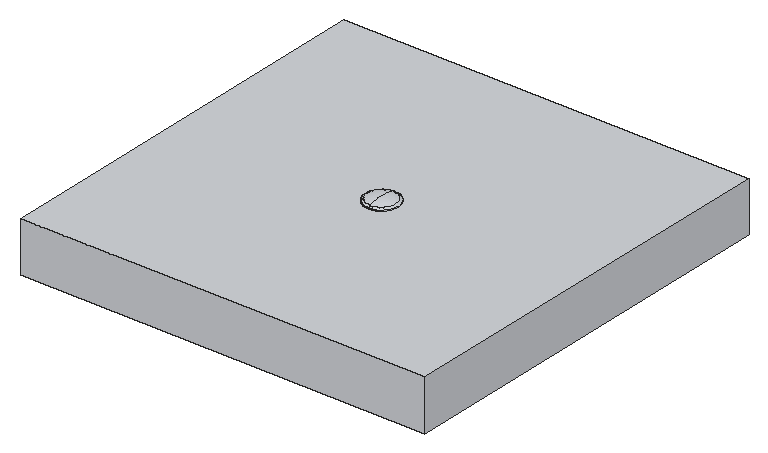
Revit family "r2016_omelta_ariya-ps-5p", category Устройства вызова и оповещения, Revit 2016
Family settings
  Основа = Грань
  Сохранять ориентацию аннотаций = Да
  Тип детали = Нормальный
  Размер круглого соединителя = Использовать диаметр
  При загрузке вырезать с полостями = Нет
  Общий = Нет
  Точка расчета площади = Нет
Parameters (values of type "ariya-ps-5p")
  Стоимость = 0
  Разработано [instance] = "«support@bimlib.ru»"  # constant formula
  Default Elevation = 2600 mm
  Изготовитель = "ООО «Электротехника и Автоматика»"  # constant formula
  Z [instance] = 1000 mm
  Y [instance] = 1100 mm
  X [instance] = 1000 mm
  URL = "https://omelta.com/store/96-ARIYA_10P_5VT/"
  ADSK_Этаж [instance] = ""
  ADSK_Ток = 0 A
  ADSK_Примечание [instance] = ""
  ADSK_Позиция [instance] = ""
  ADSK_Обозначение [instance] = "АРИЯ-ПС-5П"
  ADSK_Номинальная мощность = ADSK_Напряжение * ADSK_Ток  # 0 VA
  ADSK_Напряжение = 100 V
  ADSK_Наименование [instance] = "Система речевого оповещателя пассивного типа, IP 31"
  ADSK_Масса [instance] = 0.67
  ADSK_Марка [instance] = ADSK_Обозначение  # "АРИЯ-ПС-5П"
  ADSK_Коэффициент мощности = 0.96
  ADSK_Код изделия [instance] = "ТУ 4372-021-49518441-10"
  ADSK_Классификация нагрузок = none
  ADSK_Завод-изготовитель [instance] = "ООО «Электротехника и Автоматика»"  # constant formula
  ADSK_Единица измерения = "шт."
Reference planes
  plane 1 "По центру (Вперед/Назад)": y = 0
  plane 2: z = 0
  plane 3 "По центру (Влево/Вправо)": x = 0
  plane 4: y = 1000
  plane 5: z = -1000
  plane 6: x = 1000
Forms (mm)
  Extrusion 1, solid
    sketch origin (-0.8, 20.8, 0) x (1, 0, 0) y (0, 1, 0)
      loop
        line (-1219.2, 1219.2) -> (-1219.2, -1219.2) -> (1219.2, -1219.2) -> (1219.2, 1219.2) -> (-1219.2, 1219.2)
    from 0 to -304.8
  Blend 2, solid, detail levels medium+fine
    base sketch origin (0, 0, 0) x (1, 0, 0) y (0, 1, 0)
      loop
        circle (0, 0) r 100
    top sketch origin (0, 0, 0) x (1, 0, 0) y (0, 1, 0)
      loop
        circle (0, 0) r 100
    from 0 to 2
  Revolve 3, solid, detail levels medium+fine
    sketch origin (0, 0, 0) x (0, 1, 0) y (0, 0, 1)
      loop
        line (87.281, 2) -> (99.999, 2) -> (87.281, 11.037) -> (0, 11.037) -> (0, 2) -> (87.281, 2)
      axis (0, 11.037) -> (0, 2)
    angle from 0 to 360
  Revolve 4, solid, detail levels medium+fine
    sketch origin (0, 0, 0) x (0, 1, 0) y (0, 0, 1)
      loop
        line (0, 11.037) -> (87.281, 11.037)
        spline (87.281, 11.037) -> (74.238, 15.276) -> (65.608, 17.647) -> (59.485, 19.029) -> (54.49, 20.012) -> (49.862, 20.841) -> (45.082, 21.677) -> (40.284, 22.48) -> (35.63, 23.188) -> (30.755, 23.815) -> (24.963, 24.396) -> (15.86, 24.852) -> (0, 25.037)
        line (0, 25.037) -> (0, 11.037)
      axis (0, 25.037) -> (0, 11.037)
    angle from 0 to 360
  Blend 5, solid, not visible, detail levels medium+fine
    base sketch origin (0, 0, 0) x (1, 0, 0) y (0, 1, 0)
      loop
        circle (0, 0) r 100
    top sketch origin (0, 0, 0) x (1, 0, 0) y (0, 1, 0)
      loop
        circle (0, 0) r 100
    from 0 to 2
  Revolve 6, solid, not visible, detail levels medium+fine
    sketch origin (0, 0, 0) x (0, 1, 0) y (0, 0, 1)
      loop
        line (87.281, 2) -> (99.999, 2) -> (87.281, 11.037) -> (0, 11.037) -> (0, 2) -> (87.281, 2)
      axis (0, 11.037) -> (0, 2)
    angle from 0 to 360
  Revolve 7, solid, not visible, detail levels medium+fine
    sketch origin (0, 0, 0) x (0, 1, 0) y (0, 0, 1)
      loop
        line (0, 11.037) -> (87.281, 11.037)
        spline (87.281, 11.037) -> (74.238, 15.276) -> (65.608, 17.647) -> (59.485, 19.029) -> (54.49, 20.012) -> (49.862, 20.841) -> (45.082, 21.677) -> (40.284, 22.48) -> (35.63, 23.188) -> (30.755, 23.815) -> (24.963, 24.396) -> (15.86, 24.852) -> (0, 25.037)
        line (0, 25.037) -> (0, 11.037)
      axis (0, 25.037) -> (0, 11.037)
    angle from 0 to 360
  Blend 8, solid, detail levels fine
    base sketch origin (0, 0, 0) x (0, 1, 0) y (-1, 0, 0)
      loop
        line (51.466, 51.472) -> (-51.534, 51.472) -> (-51.534, -51.528) -> (51.466, -51.528) -> (51.466, 51.472)
    top sketch origin (0, 0, 0) x (0, 1, 0) y (-1, 0, 0)
      loop
        line (49.966, 49.972) -> (-50.034, 49.972) -> (-50.034, -50.028) -> (49.966, -50.028) -> (49.966, 49.972)
    from 0 to -45
  Extrusion 9, solid, detail levels fine
    sketch origin (0, 0, 0) x (1, 0, 0) y (0, 1, 0)
      loop
        line (24, 23.966) -> (-24, 23.966) -> (-24, -24.034) -> (24, -24.034) -> (24, 23.966)
    from -45 to -85.5
  Blend 10, solid, not visible, detail levels fine
    base sketch origin (0, 0, 0) x (0, 1, 0) y (-1, 0, 0)
      loop
        line (51.466, 51.472) -> (-51.534, 51.472) -> (-51.534, -51.528) -> (51.466, -51.528) -> (51.466, 51.472)
    top sketch origin (0, 0, 0) x (0, 1, 0) y (-1, 0, 0)
      loop
        line (49.966, 49.972) -> (-50.034, 49.972) -> (-50.034, -50.028) -> (49.966, -50.028) -> (49.966, 49.972)
    from 0 to -45
  Extrusion 11, solid, not visible, detail levels fine
    sketch origin (0, 0, 0) x (1, 0, 0) y (0, 1, 0)
      loop
        line (24, 23.966) -> (-24, 23.966) -> (-24, -24.034) -> (24, -24.034) -> (24, 23.966)
    from -45 to -85.5
Lines and regions (mm)
  reference lines
    curve 1: line (-98.995, 0, 100) -> (98.995, 0, 100)
    curve 2: line (0, 0, 47.981) -> (0, 0, 167.981)
    curve 10: line (-98.995, 0, 34.666) -> (101.005, 0, 34.666)
  model lines, detail levels coarse
    curve 3: line (79.962, 0, 164.038) -> (-79.962, 0, 164.038)
    curve 4: line (-79.962, 0, 164.038) -> (-34, 0, 118.076)
    curve 5: line (-34, 0, 118.076) -> (-34, 0, 100)
    curve 6: line (-34, 0, 100) -> (34, 0, 100)
    curve 7: line (34, 0, 100) -> (34, 0, 118.076)
    curve 8: line (-34, 0, 118.076) -> (34, 0, 118.076)
    curve 9: line (34, 0, 118.076) -> (79.962, 0, 164.038)
  model lines, style "InvisibleLines", detail levels coarse
    curve 11: line (0, 0, 164.038) -> (0, 0, 100)
    curve 12: line (47.943, 0, 100) -> (-47.943, 0, 100)
  model lines, not visible, detail levels coarse
    curve 13: line (84.943, 0, 64.038) -> (-74.981, 0, 64.038)
    curve 14: line (-74.981, 0, 64.038) -> (-29.019, 0, 18.076)
    curve 15: line (-29.019, 0, 18.076) -> (-29.019, 0, 0)
    curve 16: line (-29.019, 0, 0) -> (38.981, 0, 0)
    curve 17: line (38.981, 0, 0) -> (38.981, 0, 18.076)
    curve 18: line (-29.019, 0, 18.076) -> (38.981, 0, 18.076)
    curve 19: line (38.981, 0, 18.076) -> (84.943, 0, 64.038)
  model lines, style "InvisibleLines", not visible, detail levels coarse
    curve 20: line (4.981, 0, 64.038) -> (4.981, 0, 0)
    curve 21: line (52.924, 0, 0) -> (-42.962, 0, 0)
Dimensions and locks
  "Y": curve 1 to plane 5
  "X": plane 6 to curve 2
  "Z": curve 10 to plane 4
  aligned and locked: plane 2 to Extrusion 1
  aligned and locked: level to Extrusion 1
  aligned and locked: curve 10 to curve 3
  aligned and locked: curve 2 to curve 11
  aligned and locked: curve 1 to curve 6
Automatic sketch dimensions
  Extrusion 1 sketch curve to Extrusion 1 sketch curve = 2438.4 mm  (x2)
  curve 3 to curve 4 = 45.962 mm
  curve 4 to curve 8 = 68 mm
  curve 7 to curve 3 = 45.962 mm
  curve 5 to curve 5 = 18.076 mm
  curve 4 to curve 4 = 45.962 mm
  curve 12 to curve 5 = 13.943 mm
  curve 5 to curve 11 = 34 mm
  curve 6 to curve 12 = 13.943 mm
  curve 12 to curve 6 = 0 mm
  curve 13 to curve 14 = 45.962 mm
  curve 14 to curve 18 = 68 mm
  curve 17 to curve 13 = 45.962 mm
  curve 15 to curve 15 = 18.076 mm
  curve 14 to curve 14 = 45.962 mm
  curve 21 to curve 15 = 13.943 mm
  curve 15 to curve 20 = 34 mm
  curve 16 to curve 21 = 13.943 mm
  curve 21 to curve 16 = 0 mm
  Revolve 3 sketch curve to Revolve 3 sketch curve = 0 mm  (x2)
  Revolve 3 sketch curve to Revolve 3 sketch curve = 12.718 mm
  Revolve 3 sketch curve to Revolve 3 sketch curve = 8.008 mm
  Revolve 4 sketch curve to Revolve 4 sketch curve = 87.281 mm
  Revolve 4 sketch curve to Revolve 4 sketch curve = 14 mm
  Revolve 4 sketch curve to Revolve 4 sketch curve = 14.359 mm
  Revolve 3 sketch curve to Revolve 3 sketch curve = 87.281 mm
  Revolve 3 sketch curve to Revolve 3 sketch curve = 9.037 mm
  Revolve 3 sketch curve to Revolve 3 sketch curve = 11 mm
  Revolve 4 sketch curve to Revolve 4 sketch curve = 0 mm
  Revolve 4 sketch curve to Revolve 4 sketch curve = 24.758 mm
  Revolve 6 sketch curve to Revolve 6 sketch curve = 0 mm  (x2)
  Revolve 6 sketch curve to Revolve 6 sketch curve = 12.718 mm
  Revolve 6 sketch curve to Revolve 6 sketch curve = 8.008 mm
  Revolve 7 sketch curve to Revolve 7 sketch curve = 87.281 mm
  Revolve 7 sketch curve to Revolve 7 sketch curve = 14 mm
  Revolve 7 sketch curve to Revolve 7 sketch curve = 14.359 mm
  Revolve 6 sketch curve to Revolve 6 sketch curve = 87.281 mm
  Revolve 6 sketch curve to Revolve 6 sketch curve = 9.037 mm
  Revolve 6 sketch curve to Revolve 6 sketch curve = 11 mm
  Revolve 7 sketch curve to Revolve 7 sketch curve = 0 mm
  Revolve 7 sketch curve to Revolve 7 sketch curve = 24.758 mm
  Blend 8 sketch curve to Blend 8 sketch curve = 103 mm  (x2)
  Blend 8 sketch curve to Blend 8 sketch curve = 100 mm  (x2)
  Extrusion 9 sketch curve to Extrusion 9 sketch curve = 48 mm  (x2)
  curve 10 to plane 3 "По центру (Влево/Вправо)" = 98.995 mm
  plane 3 "По центру (Влево/Вправо)" to curve 10 = 101.005 mm
  curve 1 to plane 3 "По центру (Влево/Вправо)" = 98.995 mm
  plane 3 "По центру (Влево/Вправо)" to curve 1 = 98.995 mm
  level to curve 2 = 47.981 mm
  curve 2 to curve 2 = 120 mm
  radius of Blend 2 sketch curve = 100 mm  (x2)
  radius of Blend 5 sketch curve = 100 mm  (x2)
Connectors
  electrical at (0, 0, 0)
    settings: on Blend 2, index 1, voltage 0 V, apparent load 0 VA, apparent load phase1 0 VA, apparent load phase2 0 VA, apparent load phase3 0 VA, power factor 1, load classification "Прочее", number of poles 1, system type 12, power factor state 1, is connector primary yes, connector utility yes, sub classification motor no, connector description ""
